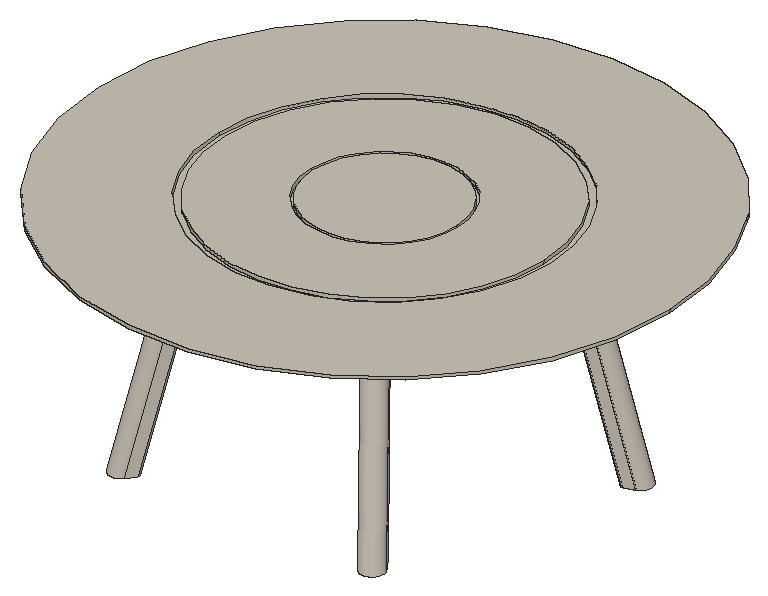
Revit family "Haworth_BuzziPicNic_RoundCollaborativeTable", category Furniture, Revit 2018
Family settings
  OmniClass Number = 23.40.20.00
  OmniClass Title = General Furniture and Specialties
  Work Plane-Based = No
  Always vertical = Yes
  Cut with Voids When Loaded = No
  Shared = No
  Room Calculation Point = No
Parameters (values of type "HCBZ-PNTR-LSW")
  Warranty = "http://www.haworth.com/resources/product-info/warranties"
  Top Finish [instance] = Haworth _ Wood _ Natural Ash BAS-NAT
  Outer Void Radius = if(Small, 17", 23")  # 23"
  URL - Product = "https://www.haworth.com/products/tables/collaborative/buzzipicnic"
  URL = "http://www.haworth.com/our-brands/haworth-collection"
  Top Inner Radius = if(Small, 29", 37.19141")  # 37.19141"
  Small = no
  Revision = "1"  # constant formula
  Radius = Actual Width / 2  # 39.36914"
  Size = "Verify Final Dim. w/ Haworth"  # constant formula
  Model = "HCBZ-PNTR"  # constant formula
  Manufacturer = "Haworth"  # constant formula
  Large = not(Small)  # yes
  Keynote = ""
  Inner Void Radius = if(Small, 16", 22")  # 22"
  Glide Finish = Haworth _ Polymer _ Black
  Description = "Haworth BuzziPicNic Large Round Table"
  Base Finish [instance] = Haworth _ Wood _ Natural Ash BAS-NAT
  Author = "Haworth (Abd Rahman)"  # constant formula
  Assembly Code = "E2020200"
  Actual Width = if(Small, 62.98828", 78.73828")  # 78.73828"
  Actual Height = 29.53125"  # constant formula
  Actual Depth = Actual Width  # 78.73828"
Types (3): name | Outer Void Radius | Top Inner Radius | Small | Radius | Large | Inner Void Radius | Description | Actual Width | Actual Depth
  (no name) | 23" | 37.19141" | no | 39.36914" | yes | 22" | "Haworth BuzziPicNic Large Round Table" | 78.73828" | 78.73828"
  HCBZ-PNTR-SSW | 17" | 29" | yes | 31.49414" | no | 16" | "Haworth BuzziPicNic Small Round Table" | 62.98828" | 62.98828"
  HCBZ-PNTR-LSW | 23" | 37.19141" | no | 39.36914" | yes | 22" | "Haworth BuzziPicNic Large Round Table" | 78.73828" | 78.73828"
Reference planes (in)
  plane 1 "Center Front/Back": y = 0
  plane 2: z = 0
  plane 3 "Center Left/Right": x = 20.90998
  plane 4 "Back": y = 39.36914
  plane 5 "Front": y = -39.36914
  plane 6: x = 60.27912
  plane 7: x = -18.45916
  plane 8: z = 29.53125
  plane 9: z = 0.11905
  plane 10: z = 28.26708
  plane 11: z = 25.11706
  plane 12: z = 29.10962
Forms (in)
  Extrusion 1, solid, material "Haworth _ Wood _ Natural Ash BAS-NAT" <- "Top Finish"
    sketch origin (0, 0, 0) x (1, 0, 0) y (0, 1, 0)
      loop
        circle (20.90998, 0) r 39.36914
    from 29.10962 to 29.53125
  Blend 2, solid, material "Haworth _ Wood _ Natural Ash BAS-NAT" <- "Top Finish"
    base sketch origin (0, 0, 0) x (1, 0, 0) y (0, 1, 0)
      loop
        circle (20.90998, 0) r 37.19141
    top sketch origin (0, 0, 0) x (1, 0, 0) y (0, 1, 0)
      loop
        circle (20.90998, 0) r 39.36914
    from 28.26708 to 29.10962
  Extrusion 3, void
    sketch origin (0, 0, 0) x (1, 0, 0) y (0, 1, 0)
      loop
        circle (20.90998, 0) r 23
      loop
        circle (20.90998, 0) r 22
    from 28.26708 to 31.25312
  Extrusion 4, void
    sketch origin (0, 0, 0) x (1, 0, 0) y (0, 1, 0)
      loop
        circle (20.90998, 0) r 10.2731
      loop
        circle (20.90998, 0) r 9.88602
    from 29.10962 to 32.91704
  Extrusion 5, solid, material "Haworth _ Polymer _ Black" <- "Glide Finish"
    sketch origin (0, 0, 0) x (1, 0, 0) y (0, 1, 0)
      loop
        line (26.61863, 0.98425) -> (15.20133, 0.98425) -> (15.20133, 8.49654)
        arc (15.20133, 8.49654) -> (11.85407, 4.82042) -> (10.63689, 0) r 10.22258
        arc (10.63689, 0) -> (11.84639, -4.82454) -> (15.20133, -8.49654) r 10.15806
        line (15.20133, -8.49654) -> (15.20133, -0.98425) -> (26.61863, -0.98425) -> (26.61863, -8.49654)
        arc (26.61863, -8.49654) -> (29.97357, -4.82454) -> (31.18308, 0) r 10.15806
        arc (31.18308, 0) -> (29.96589, 4.82042) -> (26.61863, 8.49654) r 10.22258
        line (26.61863, 8.49654) -> (26.61863, 0.98425)
    from 28.06779 to 28.26708
Cuts and joins
  Extrusion 3, Extrusion 4 cuts Extrusion 1
  Extrusion 4 cuts Blend 2
  joined: Extrusion 1, Blend 2
Lines and regions (in)
  Masking region 1
    outline origin (0, 0, 0) x (1, 0, 0) y (0, 1, 0)
      loop
        circle (20.90998, 0) r 39.36914
  symbolic lines, detail levels medium+fine
    curve 1: circle (20.90998, 0, 0) r 23 normal (0, 0, 1)
    curve 2: circle (20.90998, 0, 0) r 10.25139 normal (0, 0, 1)
Dimensions and locks (in)
  equal spacing: plane 4 "Back", plane 1 "Center Front/Back", plane 5 "Front"
  "Actual Depth": plane 4 "Back" to plane 5 "Front"
  equal spacing: plane 7, plane 3 "Center Left/Right", plane 6
  "Actual Width": plane 7 to plane 6
  "Actual Height": plane 8 to plane 2
  plane 8 to plane 12 to plane 10 to plane 11 = 0.42163" locked, 0.84253" locked, 3.15002" locked
  "Radius": radius of Extrusion 1 sketch curve
  "Radius": radius of Blend 2 sketch curve
  "Top Inner Radius": radius of Blend 2 sketch curve
  "Outer Void Radius": radius of Extrusion 3 sketch curve
  "Inner Void Radius": radius of Extrusion 3 sketch curve
  "Radius": radius of Masking region 1 sketch curve
  "Outer Void Radius": radius of curve 1
  aligned and locked: level to plane 2
  aligned and locked: plane 3 "Center Left/Right" to Extrusion 1 sketch curve
  aligned and locked: plane 1 "Center Front/Back" to Extrusion 1 sketch curve
  aligned and locked: plane 8 to Extrusion 1
  aligned and locked: plane 12 to Extrusion 1
  aligned and locked: Blend 2 to plane 12
  aligned and locked: plane 10 to Blend 2
  aligned and locked: plane 1 "Center Front/Back" to nested 1
  aligned and locked: plane 3 "Center Left/Right" to nested 1
  aligned and locked: plane 3 "Center Left/Right" to Blend 2 sketch curve  (x2)
  aligned and locked: plane 1 "Center Front/Back" to Blend 2 sketch curve  (x2)
  aligned and locked: plane 3 "Center Left/Right" to Masking region 1 sketch curve
  aligned and locked: plane 1 "Center Front/Back" to Masking region 1 sketch curve
  aligned and locked: plane 1 "Center Front/Back" to curve 1
  aligned and locked: plane 3 "Center Left/Right" to curve 1
  aligned and locked: plane 1 "Center Front/Back" to curve 2
  aligned and locked: plane 3 "Center Left/Right" to curve 2
Automatic sketch dimensions
  Extrusion 4 sketch curve to Extrusion 4 sketch curve = 0"  (x2)
  plane 1 "Center Front/Back" to Extrusion 4 sketch curve = 0"
  Extrusion 4 sketch curve to plane 3 "Center Left/Right" = 0"
  plane 1 "Center Front/Back" to Extrusion 5 sketch curve = 0"  (x4)
  Extrusion 5 sketch curve to plane 1 "Center Front/Back" = 0.98425"
  Extrusion 5 sketch curve to plane 3 "Center Left/Right" = 5.70865"
  Extrusion 5 sketch curve to Extrusion 5 sketch curve = 0"
  plane 1 "Center Front/Back" to Extrusion 5 sketch curve = 0.01727"  (x2)
  Extrusion 5 sketch curve to plane 3 "Center Left/Right" = 0.11505"
  plane 1 "Center Front/Back" to Extrusion 5 sketch curve = 0.01738"  (x2)
  Extrusion 5 sketch curve to plane 3 "Center Left/Right" = 0.05053"
  plane 3 "Center Left/Right" to Extrusion 5 sketch curve = 0.05053"
  Extrusion 5 sketch curve to Extrusion 5 sketch curve = 0.06451"
  plane 1 "Center Front/Back" to Extrusion 5 sketch curve = 0.98425"
  Extrusion 5 sketch curve to Extrusion 5 sketch curve = 4.56445"
  plane 3 "Center Left/Right" to Extrusion 5 sketch curve = 5.70865"
  Extrusion 3 sketch curve to Extrusion 3 sketch curve = 0"  (x2)
  plane 1 "Center Front/Back" to Extrusion 3 sketch curve = 0"
  Extrusion 3 sketch curve to plane 3 "Center Left/Right" = 0"
  radius of Extrusion 4 sketch curve = 10.2731"
  radius of Extrusion 4 sketch curve = 9.88602"
  radius of curve 2 = 10.25139"
Nested families (in)
  nested 1: "Haworth_BuzziPicNic_RoundCollaborativeTable_PART" at (0, 0, 0), type "HCBZ-PNTR-SSW"
Definition of nested family "Haworth_BuzziPicNic_RoundCollaborativeTable_PART"
  Parameters (values of type "PART")
    Warranty = "http://www.haworth.com/resources/product-info/warranties"
    URL - Product = "https://www.haworth.com/products/seating/lounge-sofas-benches/buzzipicnic"
    URL = "http://www.haworth.com/our-brands/haworth-collection"
    Small = no
    Revision = "1"  # constant formula
    Note = "Verify Final Dim. w/ Haworth"  # constant formula
    Model = "BuzziPicNic"
    Manufacturer = "Haworth"  # constant formula
    Large = not(Small)  # yes
    Keynote = ""
    Glide Finish = none
    Description = "Small Round Collaborative Table - PART"
    Base Finish = none
    Author = "Haworth (Abd Rahman)"  # constant formula
    Assembly Code = "E2020200"
    Actual Height = 29.53125"  # constant formula
  Reference planes (in)
    plane 1 "Center Front/Back": y = 0
    plane 2: z = 0
    plane 3 "Center Left/Right": x = 20.90998
    plane 4: z = 29.53125
    plane 5: z = 0.11905
    plane 6: z = 28.26708
    plane 7: z = 25.11706
    plane 8: z = 29.10962
  Forms (in)
    Blend 1, solid, material <- "Base Finish", visible <- "Large"
      base sketch origin (0, 0, 0) x (1, 0, 0) y (0, 1, 0)
        loop
          line (38.48095, -21.63571) -> (36.06069, -23.39413)
          arc (36.06069, -23.39413) -> (36.02928, -23.44538) -> (36.04332, -23.50384) r 0.07854
          line (36.04332, -23.50384) -> (36.97365, -24.78434)
          arc (36.97365, -24.78434) -> (39.17334, -25.13273) -> (39.52173, -22.93305) r 1.5748
          line (39.52173, -22.93305) -> (38.59193, -21.65329)
          arc (38.59193, -21.65329) -> (38.54008, -21.62151) -> (38.48095, -21.63571) r 0.07946
      top sketch origin (0, 0, 0) x (1, 0, 0) y (0, 1, 0)
        loop
          arc (31.63626, -17.30477) -> (31.60493, -17.35589) -> (31.61893, -17.41419) r 0.07833
          line (31.61893, -17.41419) -> (32.56089, -18.71068)
          arc (32.56089, -18.71068) -> (34.76057, -19.05908) -> (35.10897, -16.8594) r 1.5748
          line (35.10897, -16.8594) -> (34.16634, -15.56198)
          arc (34.16634, -15.56198) -> (34.11596, -15.53111) -> (34.05851, -15.5449) r 0.0772
          line (34.05851, -15.5449) -> (31.63626, -17.30477)
      from 0.11905 to 28.26708
    Blend 2, solid, material <- "Base Finish", visible <- "Large"
      base sketch origin (41.81996, 0, 0) x (-1, 0, 0) y (0, -1, 0)
        loop
          arc (38.48095, 21.63571) -> (38.54008, 21.62151) -> (38.59193, 21.65329) r 0.07946
          line (38.59193, 21.65329) -> (39.52173, 22.93305)
          arc (39.52173, 22.93305) -> (39.17334, 25.13273) -> (36.97365, 24.78434) r 1.5748
          line (36.97365, 24.78434) -> (36.04332, 23.50384)
          arc (36.04332, 23.50384) -> (36.02928, 23.44538) -> (36.06069, 23.39413) r 0.07854
          line (36.06069, 23.39413) -> (38.48095, 21.63571)
      top sketch origin (41.81996, 0, 0) x (-1, 0, 0) y (0, -1, 0)
        loop
          line (31.63626, 17.30477) -> (34.05851, 15.5449)
          arc (34.05851, 15.5449) -> (34.11596, 15.53111) -> (34.16634, 15.56198) r 0.0772
          line (34.16634, 15.56198) -> (35.10897, 16.8594)
          arc (35.10897, 16.8594) -> (34.76057, 19.05908) -> (32.56089, 18.71068) r 1.5748
          line (32.56089, 18.71068) -> (31.61893, 17.41419)
          arc (31.61893, 17.41419) -> (31.60493, 17.35589) -> (31.63626, 17.30477) r 0.07833
      from 0.11905 to 28.26708
    Blend 3, solid, material <- "Base Finish", visible <- "Large"
      base sketch origin (0, 0, 0) x (1, 0, 0) y (0, 1, 0)
        loop
          line (47.94262, 7.12863) -> (49.44907, 7.61811)
          arc (49.44907, 7.61811) -> (50.46016, 9.60248) -> (48.47579, 10.61356) r 1.5748
          line (48.47579, 10.61356) -> (46.96934, 10.12408)
          arc (46.96934, 10.12408) -> (46.92387, 10.08525) -> (46.91918, 10.02564) r 0.07813
          line (46.91918, 10.02564) -> (47.84417, 7.17879)
          arc (47.84417, 7.17879) -> (47.88301, 7.13333) -> (47.94262, 7.12863) r 0.07813
      top sketch origin (0, 0, 0) x (1, 0, 0) y (0, 1, 0)
        loop
          line (40.784, 4.80266) -> (42.30899, 5.29816)
          arc (42.30899, 5.29816) -> (43.32007, 7.28252) -> (41.33571, 8.29361) r 1.5748
          line (41.33571, 8.29361) -> (39.81072, 7.79811)
          arc (39.81072, 7.79811) -> (39.76525, 7.75928) -> (39.76056, 7.69967) r 0.07813
          line (39.76056, 7.69967) -> (40.68556, 4.85282)
          arc (40.68556, 4.85282) -> (40.72439, 4.80735) -> (40.784, 4.80266) r 0.07813
      from 0.11905 to 28.26708
    Blend 4, solid, material <- "Base Finish", visible <- "Large"
      base sketch origin (41.81996, 0, 0) x (-1, 0, 0) y (0, -1, 0)
        loop
          arc (47.94262, -7.12863) -> (47.88301, -7.13333) -> (47.84417, -7.17879) r 0.07813
          line (47.84417, -7.17879) -> (46.91918, -10.02564)
          arc (46.91918, -10.02564) -> (46.92387, -10.08525) -> (46.96934, -10.12408) r 0.07813
          line (46.96934, -10.12408) -> (48.47579, -10.61356)
          arc (48.47579, -10.61356) -> (50.46016, -9.60248) -> (49.44907, -7.61811) r 1.5748
          line (49.44907, -7.61811) -> (47.94262, -7.12863)
      top sketch origin (41.81996, 0, 0) x (-1, 0, 0) y (0, -1, 0)
        loop
          arc (40.784, -4.80266) -> (40.72439, -4.80735) -> (40.68556, -4.85282) r 0.07813
          line (40.68556, -4.85282) -> (39.76056, -7.69967)
          arc (39.76056, -7.69967) -> (39.76525, -7.75928) -> (39.81072, -7.79811) r 0.07813
          line (39.81072, -7.79811) -> (41.33571, -8.29361)
          arc (41.33571, -8.29361) -> (43.32007, -7.28252) -> (42.30899, -5.29816) r 1.5748
          line (42.30899, -5.29816) -> (40.784, -4.80266)
      from 0.11905 to 28.26708
    Blend 5, solid, material <- "Base Finish", visible <- "Large"
      base sketch origin (-11.31371, 11.31371, 0) x (1, 0, 0) y (0, 1, 0)
        loop
          line (30.72912, 16.51979) -> (33.72247, 16.51979)
          arc (33.72247, 16.51979) -> (33.77771, 16.54267) -> (33.80059, 16.59792) r 0.07813
          line (33.80059, 16.59792) -> (33.80059, 18.18861)
          arc (33.80059, 18.18861) -> (32.22579, 19.76341) -> (30.65099, 18.18861) r 1.5748
          line (30.65099, 18.18861) -> (30.65099, 16.59792)
          arc (30.65099, 16.59792) -> (30.67388, 16.54267) -> (30.72912, 16.51979) r 0.07813
      top sketch origin (-11.31371, 11.31371, 0) x (1, 0, 0) y (0, 1, 0)
        loop
          line (33.80059, 9.0709) -> (33.80059, 10.67163)
          arc (33.80059, 10.67163) -> (32.22579, 12.24643) -> (30.65099, 10.67163) r 1.5748
          line (30.65099, 10.67163) -> (30.65099, 9.0709)
          arc (30.65099, 9.0709) -> (30.67388, 9.01566) -> (30.72912, 8.99278) r 0.07813
          line (30.72912, 8.99278) -> (33.72247, 8.99278)
          arc (33.72247, 8.99278) -> (33.77771, 9.01566) -> (33.80059, 9.0709) r 0.07813
      from 0.11905 to 28.26708
    Blend 6, solid, material <- "Base Finish", visible <- "Small"
      base sketch origin (0, 10.01257, 0) x (1, 0, 0) y (0, 1, 0)
        loop
          line (40.64882, -19.75779) -> (39.15035, -22.35321)
          arc (39.15035, -22.35321) -> (39.14255, -22.4125) -> (39.17895, -22.45993) r 0.07813
          line (39.17895, -22.45993) -> (40.55903, -23.25672)
          arc (40.55903, -23.25672) -> (42.71264, -22.67976) -> (42.13584, -20.52611) r 1.57659
          line (42.13584, -20.52611) -> (40.75554, -19.72919)
          arc (40.75554, -19.72919) -> (40.69626, -19.72139) -> (40.64882, -19.75779) r 0.07813
      top sketch origin (0, 10.01257, 0) x (1, 0, 0) y (0, 1, 0)
        loop
          line (34.12993, -16.00973) -> (32.63325, -18.60204)
          arc (32.63325, -18.60204) -> (32.62545, -18.66133) -> (32.66185, -18.70876) r 0.07813
          line (32.66185, -18.70876) -> (34.0577, -19.51466)
          arc (34.0577, -19.51466) -> (36.20891, -18.93824) -> (35.6325, -16.78703) r 1.5748
          line (35.6325, -16.78703) -> (34.23665, -15.98113)
          arc (34.23665, -15.98113) -> (34.17736, -15.97333) -> (34.12993, -16.00973) r 0.07813
      from 0.11905 to 28.26708
    Blend 7, solid, material <- "Base Finish", visible <- "Small"
      base sketch origin (41.82582, 10.08483, 0) x (-1, 0, 0) y (0, -1, 0)
        loop
          arc (40.64851, 19.83573) -> (40.69595, 19.79933) -> (40.75523, 19.80714) r 0.07813
          line (40.75523, 19.80714) -> (42.13563, 20.60411)
          arc (42.13563, 20.60411) -> (42.71204, 22.75533) -> (40.56083, 23.33174) r 1.5748
          line (40.56083, 23.33174) -> (39.18043, 22.53477)
          arc (39.18043, 22.53477) -> (39.14403, 22.48733) -> (39.15183, 22.42805) r 0.07813
          line (39.15183, 22.42805) -> (40.64851, 19.83573)
      top sketch origin (41.82582, 10.08483, 0) x (-1, 0, 0) y (0, -1, 0)
        loop
          arc (34.13213, 16.0684) -> (34.17957, 16.032) -> (34.23886, 16.03981) r 0.07813
          line (34.23886, 16.03981) -> (35.63471, 16.8457)
          arc (35.63471, 16.8457) -> (36.21112, 18.99692) -> (34.05991, 19.57334) r 1.5748
          line (34.05991, 19.57334) -> (32.66405, 18.76744)
          arc (32.66405, 18.76744) -> (32.62765, 18.72) -> (32.63546, 18.66072) r 0.07813
          line (32.63546, 18.66072) -> (34.13213, 16.0684)
      from 0.11905 to 28.26708
    Blend 8, solid, material <- "Base Finish", visible <- "Small"
      base sketch origin (56.72353, 37.34529, 0) x (-1, 0, 0) y (0, -1, 0)
        loop
          line (37.30812, 16.12175) -> (34.31477, 16.12175)
          arc (34.31477, 16.12175) -> (34.25953, 16.09887) -> (34.23665, 16.04363) r 0.07813
          line (34.23665, 16.04363) -> (34.23665, 13.81581)
          arc (34.23665, 13.81581) -> (35.81145, 12.24101) -> (37.38625, 13.81581) r 1.5748
          line (37.38625, 13.81581) -> (37.38625, 16.04363)
          arc (37.38625, 16.04363) -> (37.36337, 16.09887) -> (37.30812, 16.12175) r 0.07813
      top sketch origin (56.72353, 37.34529, 0) x (-1, 0, 0) y (0, -1, 0)
        loop
          line (37.30875, 23.02751) -> (34.3154, 23.02751)
          arc (34.3154, 23.02751) -> (34.26015, 23.00463) -> (34.23727, 22.94938) r 0.07813
          line (34.23727, 22.94938) -> (34.23727, 21.3494)
          arc (34.23727, 21.3494) -> (35.81207, 19.7746) -> (37.38687, 21.3494) r 1.5748
          line (37.38687, 21.3494) -> (37.38687, 22.94938)
          arc (37.38687, 22.94938) -> (37.36399, 23.00463) -> (37.30875, 23.02751) r 0.07813
      from 0.11905 to 28.26708
    Extrusion 9, solid, material <- "Base Finish", visible <- "Large"
      sketch origin (0, 0, 0) x (1, 0, 0) y (0, 1, 0)
        loop
          circle (20.90998, 0) r 22.94451
        loop
          circle (20.90998, 0) r 19.77616
      from 25.11706 to 28.26708
    Extrusion 10, solid, material <- "Base Finish", visible <- "Small"
      sketch origin (0, 0, 0) x (1, 0, 0) y (0, 1, 0)
        loop
          circle (20.90998, 0) r 17
        loop
          circle (20.90998, 0) r 13.74576
      from 25.11706 to 28.26708
    Extrusion 11, solid, material <- "Glide Finish", visible <- "Large"
      sketch origin (0, 0, 0) x (1, 0, 0) y (0, 1, 0)
        loop
          circle (48.88863, 9.24884) r 0.94727
        loop
          circle (20.90893, 29.57897) r 0.94727
        loop
          circle (-7.07365, 9.2525) r 0.94727
        loop
          circle (3.61544, -23.64578) r 0.94727
        loop
          circle (38.198, -23.64181) r 0.94727
      from 0 to 0.11905
    Extrusion 12, solid, material <- "Glide Finish", visible <- "Small"
      sketch origin (0, 0, 0) x (1, 0, 0) y (0, 1, 0)
        loop
          circle (41.27676, -12.07025) r 0.94722
        loop
          circle (0.54951, -12.07025) r 0.94722
        loop
          circle (20.9189, 23.19346) r 0.94722
      from 0 to 0.11905
  Cuts and joins
    joined: Blend 6, Blend 7, Blend 8, Extrusion 10
    joined: Blend 1, Blend 2, Blend 3, Blend 4, Blend 5, Extrusion 9
  Lines and regions (in)
    Masking region 1, visible <- "Large"
      outline origin (0, 0, 0) x (1, 0, 0) y (0, 1, 0)
        loop
          circle (20.90998, 0) r 22.94451
        loop
          circle (20.90998, 0) r 19.77616
    Masking region 2, visible <- "Small"
      outline origin (0, 0, 0) x (1, 0, 0) y (0, 1, 0)
        loop
          circle (20.90998, 0) r 17
        loop
          circle (20.90998, 0) r 13.74576
  Dimensions and locks (in)
    "Actual Height": plane 4 to plane 2
    aligned and locked: level to plane 2
    aligned and locked: Blend 1 to plane 6
    aligned and locked: plane 5 to Blend 1
    aligned and locked: Extrusion 11 to plane 2
    aligned and locked: Extrusion 11 to plane 5
    aligned and locked: Extrusion 12 to plane 2
    aligned and locked: Extrusion 12 to plane 5
  Automatic sketch dimensions
    plane 3 "Center Left/Right" to Blend 1 sketch curve = 15.13333"
    Blend 1 sketch curve to Blend 1 sketch curve = 0.01738"
    Blend 1 sketch curve to Blend 1 sketch curve = 0.06354"
    Blend 1 sketch curve to Blend 1 sketch curve = 0.93034"
    Blend 1 sketch curve to Blend 1 sketch curve = 1.27404"  (x4)
    Blend 1 sketch curve to Blend 1 sketch curve = 0.23325"
    Blend 1 sketch curve to Blend 1 sketch curve = 0.0467"  (x2)
    Blend 1 sketch curve to Blend 1 sketch curve = 0.06428"
    plane 1 "Center Front/Back" to Blend 1 sketch curve = 24.78434"
    Blend 1 sketch curve to Blend 1 sketch curve = 0.92564"  (x2)
    Blend 1 sketch curve to Blend 1 sketch curve = 1.2805"
    Blend 1 sketch curve to Blend 1 sketch curve = 0.04617"
    Blend 1 sketch curve to Blend 1 sketch curve = 1.23305"
    plane 3 "Center Left/Right" to Blend 1 sketch curve = 10.70895"
    Blend 1 sketch curve to Blend 1 sketch curve = 0.01733"
    Blend 1 sketch curve to Blend 1 sketch curve = 0.04604"  (x2)
    Blend 1 sketch curve to Blend 1 sketch curve = 0.94196"
    Blend 1 sketch curve to Blend 1 sketch curve = 0.22358"
    Blend 1 sketch curve to Blend 1 sketch curve = 0.04538"  (x2)
    Blend 1 sketch curve to Blend 1 sketch curve = 0.06246"
    plane 1 "Center Front/Back" to Blend 1 sketch curve = 18.71068"
    Blend 1 sketch curve to Blend 1 sketch curve = 1.2965"
    Blend 1 sketch curve to Blend 1 sketch curve = 1.25204"
    plane 3 "Center Left/Right" to Blend 2 sketch curve = 15.13333"
    Blend 2 sketch curve to Blend 2 sketch curve = 0.01738"
    Blend 2 sketch curve to Blend 2 sketch curve = 0.06354"
    Blend 2 sketch curve to Blend 2 sketch curve = 0.93034"
    Blend 2 sketch curve to Blend 2 sketch curve = 1.27404"  (x4)
    Blend 2 sketch curve to Blend 2 sketch curve = 0.23325"
    Blend 2 sketch curve to Blend 2 sketch curve = 0.0467"  (x2)
    Blend 2 sketch curve to Blend 2 sketch curve = 0.06428"
    Blend 2 sketch curve to plane 1 "Center Front/Back" = 24.78434"
    Blend 2 sketch curve to Blend 2 sketch curve = 0.92564"  (x2)
    Blend 2 sketch curve to Blend 2 sketch curve = 1.2805"
    Blend 2 sketch curve to Blend 2 sketch curve = 0.04617"
    Blend 2 sketch curve to Blend 2 sketch curve = 1.23305"
    plane 3 "Center Left/Right" to Blend 2 sketch curve = 10.70895"
    Blend 2 sketch curve to Blend 2 sketch curve = 0.01733"
    Blend 2 sketch curve to Blend 2 sketch curve = 0.04604"  (x2)
    Blend 2 sketch curve to Blend 2 sketch curve = 0.94196"
    Blend 2 sketch curve to Blend 2 sketch curve = 0.22358"
    Blend 2 sketch curve to Blend 2 sketch curve = 0.04538"  (x2)
    Blend 2 sketch curve to Blend 2 sketch curve = 0.06246"
    Blend 2 sketch curve to plane 1 "Center Front/Back" = 18.71068"
    Blend 2 sketch curve to Blend 2 sketch curve = 1.2965"
    Blend 2 sketch curve to Blend 2 sketch curve = 1.25204"
    plane 1 "Center Front/Back" to Blend 3 sketch curve = 10.02564"
    Blend 3 sketch curve to plane 3 "Center Left/Right" = 26.0092"
    plane 1 "Center Front/Back" to Blend 3 sketch curve = 10.12408"
    Blend 3 sketch curve to Blend 3 sketch curve = 0.05016"  (x2)
    Blend 3 sketch curve to Blend 3 sketch curve = 0.0743"  (x3)
    plane 1 "Center Front/Back" to Blend 3 sketch curve = 7.17879"
    Blend 3 sketch curve to Blend 3 sketch curve = 0.92499"
    plane 1 "Center Front/Back" to Blend 3 sketch curve = 7.12863"
    Blend 3 sketch curve to Blend 3 sketch curve = 0.02414"  (x3)
    plane 1 "Center Front/Back" to Blend 3 sketch curve = 10.61356"
    Blend 3 sketch curve to Blend 3 sketch curve = 1.50646"
    Blend 3 sketch curve to Blend 3 sketch curve = 0.48664"  (x4)
    plane 1 "Center Front/Back" to Blend 3 sketch curve = 7.61811"
    plane 1 "Center Front/Back" to Blend 3 sketch curve = 7.69967"
    Blend 3 sketch curve to plane 3 "Center Left/Right" = 18.85058"
    plane 1 "Center Front/Back" to Blend 3 sketch curve = 7.79811"
    plane 1 "Center Front/Back" to Blend 3 sketch curve = 4.85282"
    Blend 3 sketch curve to Blend 3 sketch curve = 0.925"
    plane 1 "Center Front/Back" to Blend 3 sketch curve = 4.80266"
    plane 1 "Center Front/Back" to Blend 3 sketch curve = 8.29361"
    Blend 3 sketch curve to Blend 3 sketch curve = 1.52499"
    plane 1 "Center Front/Back" to Blend 3 sketch curve = 5.29816"
    Blend 4 sketch curve to plane 1 "Center Front/Back" = 10.02564"
    Blend 4 sketch curve to plane 3 "Center Left/Right" = 26.0092"
    Blend 4 sketch curve to plane 1 "Center Front/Back" = 10.12408"
    Blend 4 sketch curve to Blend 4 sketch curve = 0.05016"  (x2)
    Blend 4 sketch curve to Blend 4 sketch curve = 0.0743"  (x3)
    Blend 4 sketch curve to plane 1 "Center Front/Back" = 7.17879"
    Blend 4 sketch curve to Blend 4 sketch curve = 0.92499"
    Blend 4 sketch curve to plane 1 "Center Front/Back" = 7.12863"
    Blend 4 sketch curve to Blend 4 sketch curve = 0.02414"  (x3)
    Blend 4 sketch curve to plane 1 "Center Front/Back" = 10.61356"
    Blend 4 sketch curve to Blend 4 sketch curve = 1.50646"
    Blend 4 sketch curve to Blend 4 sketch curve = 0.48664"  (x4)
    Blend 4 sketch curve to plane 1 "Center Front/Back" = 7.61811"
    Blend 4 sketch curve to plane 1 "Center Front/Back" = 7.69967"
    Blend 4 sketch curve to plane 3 "Center Left/Right" = 18.85058"
    Blend 4 sketch curve to plane 1 "Center Front/Back" = 7.79811"
    Blend 4 sketch curve to plane 1 "Center Front/Back" = 4.85282"
    Blend 4 sketch curve to Blend 4 sketch curve = 0.925"
    Blend 4 sketch curve to plane 1 "Center Front/Back" = 4.80266"
    Blend 4 sketch curve to plane 1 "Center Front/Back" = 8.29361"
    Blend 4 sketch curve to Blend 4 sketch curve = 1.52499"
    Blend 4 sketch curve to plane 1 "Center Front/Back" = 5.29816"
    plane 3 "Center Left/Right" to Blend 5 sketch curve = 1.5727"  (x2)
    Blend 5 sketch curve to Blend 5 sketch curve = 0.07812"  (x4)
    Blend 5 sketch curve to plane 3 "Center Left/Right" = 0.0021"  (x2)
    plane 1 "Center Front/Back" to Blend 5 sketch curve = 29.50232"
    Blend 5 sketch curve to Blend 5 sketch curve = 1.5907"
    plane 1 "Center Front/Back" to Blend 5 sketch curve = 21.98534"
    Blend 5 sketch curve to Blend 5 sketch curve = 1.60073"
    plane 3 "Center Left/Right" to Blend 6 sketch curve = 18.24037"
    plane 1 "Center Front/Back" to Blend 6 sketch curve = 12.44737"
    Blend 6 sketch curve to Blend 6 sketch curve = 0.0286"  (x2)
    Blend 6 sketch curve to Blend 6 sketch curve = 0.03906"  (x5)
    Blend 6 sketch curve to Blend 6 sketch curve = 1.38008"
    plane 1 "Center Front/Back" to Blend 6 sketch curve = 9.74522"
    Blend 6 sketch curve to Blend 6 sketch curve = 1.49847"
    Blend 6 sketch curve to Blend 6 sketch curve = 0.06766"  (x3)
    plane 1 "Center Front/Back" to Blend 6 sketch curve = 9.71663"
    Blend 6 sketch curve to Blend 6 sketch curve = 0.7883"
    plane 1 "Center Front/Back" to Blend 6 sketch curve = 10.51354"
    Blend 6 sketch curve to Blend 6 sketch curve = 0.78851"
    Blend 6 sketch curve to Blend 6 sketch curve = 0.79679"
    plane 3 "Center Left/Right" to Blend 6 sketch curve = 11.72327"
    Blend 6 sketch curve to Blend 6 sketch curve = 1.39585"
    plane 1 "Center Front/Back" to Blend 6 sketch curve = 5.99716"
    Blend 6 sketch curve to Blend 6 sketch curve = 1.49668"
    plane 1 "Center Front/Back" to Blend 6 sketch curve = 5.96856"
    Blend 6 sketch curve to Blend 6 sketch curve = 0.7874"  (x2)
    plane 1 "Center Front/Back" to Blend 6 sketch curve = 6.77446"
    Blend 6 sketch curve to Blend 6 sketch curve = 1.36382"
    Blend 6 sketch curve to Blend 6 sketch curve = 0.91262"
    plane 3 "Center Left/Right" to Blend 7 sketch curve = 18.23599"
    Blend 7 sketch curve to plane 1 "Center Front/Back" = 12.44994"
    Blend 7 sketch curve to Blend 7 sketch curve = 0.0286"  (x2)
    Blend 7 sketch curve to Blend 7 sketch curve = 0.03906"  (x5)
    Blend 7 sketch curve to Blend 7 sketch curve = 1.3804"
    Blend 7 sketch curve to plane 1 "Center Front/Back" = 9.7509"
    Blend 7 sketch curve to Blend 7 sketch curve = 1.49667"
    Blend 7 sketch curve to Blend 7 sketch curve = 0.06766"  (x3)
    Blend 7 sketch curve to plane 1 "Center Front/Back" = 9.7223"
    Blend 7 sketch curve to Blend 7 sketch curve = 0.7874"  (x4)
    Blend 7 sketch curve to plane 1 "Center Front/Back" = 10.51928"
    Blend 7 sketch curve to Blend 7 sketch curve = 0.79697"
    plane 3 "Center Left/Right" to Blend 7 sketch curve = 11.71962"
    Blend 7 sketch curve to Blend 7 sketch curve = 1.39585"
    Blend 7 sketch curve to plane 1 "Center Front/Back" = 5.98357"
    Blend 7 sketch curve to Blend 7 sketch curve = 1.49668"
    Blend 7 sketch curve to plane 1 "Center Front/Back" = 5.95497"
    Blend 7 sketch curve to plane 1 "Center Front/Back" = 6.76087"
    Blend 7 sketch curve to Blend 7 sketch curve = 1.36382"
    Blend 7 sketch curve to Blend 7 sketch curve = 0.91262"
    Blend 8 sketch curve to plane 3 "Center Left/Right" = 1.5769"
    Blend 8 sketch curve to Blend 8 sketch curve = 0.07812"  (x4)
    Blend 8 sketch curve to plane 3 "Center Left/Right" = 0.0021"
    plane 1 "Center Front/Back" to Blend 8 sketch curve = 21.22354"
    Blend 8 sketch curve to Blend 8 sketch curve = 2.22782"
    Blend 8 sketch curve to plane 3 "Center Left/Right" = 1.57628"
    Blend 8 sketch curve to plane 3 "Center Left/Right" = 0.00148"
    plane 1 "Center Front/Back" to Blend 8 sketch curve = 14.31778"
    Blend 8 sketch curve to Blend 8 sketch curve = 1.59999"
    Extrusion 9 sketch curve to Extrusion 9 sketch curve = 0"  (x2)
    plane 1 "Center Front/Back" to Extrusion 9 sketch curve = 0"
    Extrusion 9 sketch curve to plane 3 "Center Left/Right" = 0"
    Extrusion 10 sketch curve to Extrusion 10 sketch curve = 0"  (x2)
    plane 1 "Center Front/Back" to Extrusion 10 sketch curve = 0"
    Extrusion 10 sketch curve to plane 3 "Center Left/Right" = 0"
    Extrusion 11 sketch curve to plane 1 "Center Front/Back" = 9.2525"
    Extrusion 11 sketch curve to plane 3 "Center Left/Right" = 27.98363"
    Extrusion 11 sketch curve to plane 3 "Center Left/Right" = 17.29454"
    Extrusion 11 sketch curve to plane 3 "Center Left/Right" = 0.00105"
    plane 3 "Center Left/Right" to Extrusion 11 sketch curve = 17.28802"
    Extrusion 11 sketch curve to plane 1 "Center Front/Back" = 9.24884"
    plane 3 "Center Left/Right" to Extrusion 11 sketch curve = 27.97865"
    plane 1 "Center Front/Back" to Extrusion 11 sketch curve = 23.64181"
    plane 1 "Center Front/Back" to Extrusion 11 sketch curve = 23.64578"
    Extrusion 11 sketch curve to plane 1 "Center Front/Back" = 29.57897"
    Extrusion 12 sketch curve to plane 3 "Center Left/Right" = 20.36047"
    plane 3 "Center Left/Right" to Extrusion 12 sketch curve = 0.00892"
    plane 3 "Center Left/Right" to Extrusion 12 sketch curve = 20.36678"
    plane 1 "Center Front/Back" to Extrusion 12 sketch curve = 12.07025"  (x2)
    Extrusion 12 sketch curve to plane 1 "Center Front/Back" = 23.19346"
    plane 1 "Center Front/Back" to Masking region 1 sketch curve = 0"
    Masking region 1 sketch curve to plane 3 "Center Left/Right" = 0"
    Masking region 1 sketch curve to plane 3 "Center Left/Right" = 22.94451"
    Masking region 1 sketch curve to Masking region 1 sketch curve = 0"  (x2)
    Masking region 1 sketch curve to Masking region 1 sketch curve = 3.16835"
    Masking region 2 sketch curve to Masking region 2 sketch curve = 0"  (x2)
    plane 1 "Center Front/Back" to Masking region 2 sketch curve = 0"
    Masking region 2 sketch curve to plane 3 "Center Left/Right" = 0"
    Masking region 2 sketch curve to plane 3 "Center Left/Right" = 13.74576"
    Masking region 2 sketch curve to Masking region 2 sketch curve = 3.25424"
    radius of Extrusion 9 sketch curve = 22.94451"
    radius of Extrusion 9 sketch curve = 19.77616"
    radius of Extrusion 10 sketch curve = 17"
    radius of Extrusion 10 sketch curve = 13.74576"
    radius of Extrusion 11 sketch curve = 0.94727"  (x5)
    radius of Extrusion 12 sketch curve = 0.94722"  (x3)
